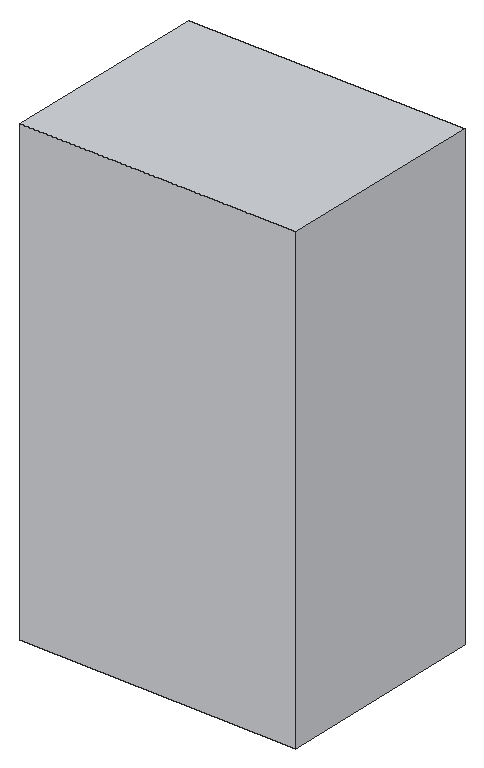
Revit family
Parameters
  Warranty Duration (Years) = 0
  Unit Width [instance] = 1' - 8 177/256"
  Unit Height [instance] = 0' - 9 99/256"
  Unit Depth = 0' - 0"
  URL = "http://www.americanspecialties.com/viewCategories.cfm"
  Trim Material = Metal - Stainless Steel
  Test Data = ""
  Specification = "http://www.arcat.com/sdspecs/htm/10810asi.htm"
  SpecWizard = ""
  Send Message = "http://www.arcat.com/users.pl?action=UserEmail&company=American%20Specialties,%20Inc.&coid=30448&rep=139&fax=914-476-0688&mf="
  Sales Information = "http://www.americanspecialties.com/contact"
  Revision = "R1_10-2010"
  Product Properties = "http://www.americanspecialties.com/datasheets/120.pdf"
  Product Data = "http://www.arcat.com/arcatcos/cos30/arc30448.html"
  Model = "As Specified in 10 28 13"
  Manufacturer Website = "http://www.americanspecialties.com/viewCategories.cfm"
  Manufacturer Phone - Toll Free = ""
  Manufacturer Phone = "914-476-9000 "
  Manufacturer Fax = "914-476-0688"
  Manufacturer Address = "441 Saw Mill River Rd., Yonkers, NY 10701"
  Manufacturer = "American Specialties, Inc."
  Maintenance Schedule (Months) = 0
  Keynote = "10 28 13"
  Installation-Fabrication = "http://www.americanspecialties.com/products.cfm"
  Green Building-LEED = ""
  Expected Lifespan (Years) = 0
  Drawn By = "Robert S. Weygant. CSI, CDT, SCIP"  # constant formula
  Description = "Toilet Accessory as Specified in 10 28 13"
  Default Elevation = 4' - 0"
  Copyright = "©Arcat Inc."
  Construction Details = "http://www.arcat.com/green/clients/leed_data_30448.html"
  Building Codes = "http://www.americanspecialties.com/products.cfm"
  Body Material = Metal - Stainless Steel
  Assembly Code = "C1030210"
Reference planes (in)
  plane 1 "Center (Front/Back)": y = -0.29112
  plane 2 "Floor Line": z = 0
  plane 3 "Center (Left/Right)": x = -0.65843
Forms (in)
  Extrusion 1, solid
    sketch origin (-3, -9, -6) x (0, 0, -1) y (1, 0, 0)
      loop
        line (-82, 26) -> (-82, -19.34712) -> (-6, -19.34712) -> (-6, 26) -> (-82, 26)
    from 9 to -25.60721
  Extrusion 2, solid, material "Metal - Stainless Steel" <- "Body Material"
    sketch origin (0, 0, 0) x (1, 0, 0) y (0, 1, 0)
      loop
        arc (-2.15843, 2.20888) -> (-2.45921, 1.9081) -> (-2.15843, 1.60732) r 0.30078
        line (-2.15843, 1.60732) -> (-0.80882, 1.29574) -> (-0.80882, -1.87797) -> (-2.15843, -2.18955)
        arc (-2.15843, -2.18955) -> (-2.45921, -2.49034) -> (-2.15843, -2.79112) r 0.30078
        line (-2.15843, -2.79112) -> (0.84157, -2.79112)
        arc (0.84157, -2.79112) -> (1.14235, -2.49034) -> (0.84157, -2.18955) r 0.30078
        line (0.84157, -2.18955) -> (-0.50804, -1.87797) -> (-0.50804, 1.29574) -> (0.84157, 1.60732)
        arc (0.84157, 1.60732) -> (1.14235, 1.9081) -> (0.84157, 2.20888) r 0.30078
        line (0.84157, 2.20888) -> (-2.15843, 2.20888)
      loop
        circle (-1.65843, 1.95888) r 0.14187
      loop
        circle (0.34157, 1.95888) r 0.14187
      loop
        circle (-1.65843, -2.54112) r 0.14187
      loop
        circle (0.34157, -2.54112) r 0.14187
    from 0 to 0.09375
  Extrusion 3, solid, material "Metal - Stainless Steel" <- "Body Material"
    sketch origin (-0.65843, 0, 0) x (0, 1, 0) y (0, 0, 1)
      loop
        arc (1.11229, 0.09375) -> (-0.26271, 1.18392) -> (-1.63771, 0.09375) r 1.41221
        line (-1.63771, 0.09375) -> (-1.87797, 0.09375) -> (-1.87797, 0) -> (1.29574, 0) -> (1.29574, 0.09375) -> (1.11229, 0.09375)
    from 0.15039 to 0.27238
  Extrusion 4, solid, material "Metal - Stainless Steel" <- "Body Material"
    sketch origin (-0.65843, 0, 0) x (0, 1, 0) y (0, 0, -1)
      loop
        line (1.11229, -0.09375) -> (1.29574, -0.09375) -> (1.29574, 0) -> (-1.87797, 0) -> (-1.87797, -0.09375) -> (-1.63771, -0.09375)
        arc (-1.63771, -0.09375) -> (-0.26271, -1.18392) -> (1.11229, -0.09375) r 1.41221
    from 0.15039 to 0.27238
  Extrusion 5, solid, material "Metal - Stainless Steel" <- "Trim Material"
    sketch origin (-0.65843, -0.51283, 0) x (0, -1, 0) y (0, 0, 1)
      loop
        arc (-0.03238, 1.16501) -> (0.22178, 1.91501) -> (-0.03238, 2.66501) r 1.23367
        arc (-0.03238, 2.66501) -> (-0.28554, 2.81177) -> (-0.43181, 2.55832) r 0.20671
        arc (-0.43181, 2.55832) -> (-0.29358, 1.77513) -> (-0.72408, 1.10643) r 1.09025
        arc (-0.72408, 1.10643) -> (-0.32161, 0.46715) -> (-0.03238, 1.16501) r 0.42526
    from -0.15039 to 0.15039
  Extrusion 6, solid, material "Metal - Stainless Steel" <- "Trim Material"
    sketch origin (-0.65843, 0, 0) x (0, 1, 0) y (0, 0, 1)
      loop
        circle (-0.29112, 0.83198) r 0.09949
    from -0.30423 to -0.27238
  Extrusion 7, solid, material "Metal - Stainless Steel" <- "Trim Material"
    sketch origin (-0.65843, 0, 0) x (0, 1, 0) y (0, 0, -1)
      loop
        circle (-0.29112, -0.83198) r 0.09949
    from -0.30423 to -0.27238
Dimensions and locks (in)
  aligned and locked: Extrusion 1 to level
  aligned and locked: Extrusion 2 to Extrusion 5  (x2)
  aligned and locked: Extrusion 6 to Extrusion 4
  aligned and locked: Extrusion 7 to Extrusion 3
  aligned and locked: Extrusion 3 to Extrusion 7
